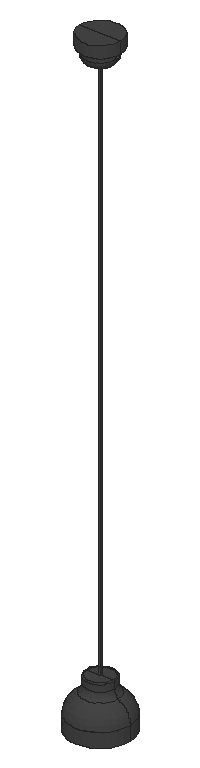
Revit family "BELL(8,10,14) LED", category Lighting Fixtures, Revit 2020
Family settings
  Round Connector Dimension = Use Diameter
  Part Type = Normal
  OmniClass Number = 23.80.70.00
  OmniClass Title = Lighting
  Work Plane-Based = No
  Always vertical = Yes
  Cut with Voids When Loaded = No
  Light Source = Yes
  Shared = No
  Room Calculation Point = No
Parameters (values of type "BEL08")
  Weight = "2.5 lbs"
  Wattage Comments = "10W"
  Wattage = 1 W
  Warranty = "5 year limited warranty"  # constant formula
  built-in parameter 1150110 = 1 (stored number, unit not read)
  Voltage = 277 V
  URL = "https://www.anplighting.com/assets/Uploads/product-attachments/specification-sheets/ANP-Specification-Sheet-RLM-LED-BEL08.pdf"
  built-in parameter 1114217 = 1 (stored number, unit not read)
  Tilt Angle = 90.00°
  built-in parameter 1150109 = 1 (stored number, unit not read)
  built-in parameter 1150134 = 12
  built-in parameter 1150113 = 1 (stored number, unit not read)
  Mounting Option [instance] = 1
  Power Factor = 1
  Post Mount [instance] = Mounting Option = 5  # no
  Placement X axis side [instance] = if(Post Mount, 2' 2 15/32", if(Cord or Stem Mount, 0' 0", if(E36 20 inch, 1' 8 1/4", if(E 6 26 inch, 2' 2", if(E7 41 inch, 3' 5 1/4", 0' 1")))))  # 0' - 0"
  Photometric Web File = "generic.ies"
  Model = "BEL08"
  Manufacturer = "ANP Lighting"  # constant formula
  built-in parameter 1150105 = 99.472 (stored number, unit not read)
  Lumens = 1250 lm
  built-in parameter 1150115 = 1 (stored number, unit not read)
  Load Classification = Lighting
  Light Source Height [instance] = 0' - 4"
  built-in parameter 1150137 = (empty or 0)
  built-in parameter 1150139 = (empty or 0)
  Light Elevation _2 [instance] = if(Post Mount, 0' 0.66142", if(E7 41 inch, 0' 0.66142", if(E36 20 inch, 0' 1.65748", if(E 6 26 inch, 0' 1.53543", if(Cord or Stem Mount, (0' 4.3622" + Cord Length), 0' 0")))))  # 6' - 4.3622"
  Light Elevation _1 [instance] = if(Post Mount, 0' 0", if(E7 41 inch, 0' 0", if(E36 20 inch, 0' 1", if(E 6 26 inch, 0' 0.87402", if(Cord or Stem Mount, (0' 3.66142" + Cord Length), 0' 0")))))  # 6' - 3.66142"
  Light Elevation [instance] = if(Post Mount, 14' 0.5315", if(E7 41 inch, 0' 0", 0' 0"))  # 0' - 0"
  Life = "L70 50,000 hours"  # constant formula
  built-in parameter 1150112 = 1 (stored number, unit not read)
  built-in parameter 1150114 = 1 (stored number, unit not read)
  Lamp = "LED"
  built-in parameter 1150132 = 2
  built-in parameter 1150102 = (empty or 0)
  built-in parameter 1150107 = 4000 (stored number, unit not read)
  built-in parameter 1150138 = (empty or 0)
  built-in parameter 1150106 = 0.99472 (stored number, unit not read)
  Fixture Height = 0' - 6 1/2"
  Fixture Diameter = 0' - 8"
  Efficiency = "65-125 lumens per watt"  # constant formula
  built-in parameter 1150104 = 116.13 (stored number, unit not read)
  E7 41 inch [instance] = Mounting Option = 4  # no
  E36 20 inch [instance] = Mounting Option = 3  # no
  E 6 26 inch [instance] = Mounting Option = 2  # no
  Dimming Lamp Color Temperature Shift = <None>
  Dimming = "1%"  # constant formula
  Description = "120-277 Voltage"  # constant formula
  Default Elevation = 0' - 0"
  Cord or Stem Mount [instance] = Mounting Option = 1  # yes
  Cord Length option [instance] = 0
  Cord Length [instance] = if([2' Cord], 2' 0", if([4' Cord], 4' 0", if([8' Cord], 8' 0", if([10' Cord], 10' 0", if([6' Cord], 6' 0", 6' 0")))))  # 6' - 0"
  Construction Material = "Heavy Duty spun aluminum."  # constant formula
  Color Filter = 16777215
  CRI = ">90"  # constant formula
  Body Material = body
  Body Colour = "Spun aluminium"  # constant formula
  built-in parameter 1114218 = 1 (stored number, unit not read)
  BELL8 = yes
  BELL14 = no
  BELL12 = no
  BELL10 = no
  built-in parameter 1150133 = 10 (stored number, unit not read)
  Apparent Load = 10 VA
  8' Cord [instance] = Cord Length option = 8  # no
  6' Cord [instance] = Cord Length option = 6  # no
  4' Cord [instance] = Cord Length option = 4  # no
  2' Cord [instance] = Cord Length option = 2  # no
  10' Cord [instance] = Cord Length option = 10  # no
Types (5): name | Weight | Wattage Comments | Wattage | URL | Photometric Web File | Model | built-in parameter 1150105 | Lumens | built-in parameter 1150106 | Fixture Height | Fixture Diameter | BELL8 | BELL14 | BELL12 | BELL10 | Apparent Load
  (no name) | "2.5 lbs" | "10W" | 1 W | "https://www.anplighting.com/assets/Uploads/product-attachments/specification-sheets/ANP-Specification-Sheet-RLM-LED-BEL08.pdf" | "generic.ies" | "BEL08" | 99.472 (stored number, unit not read) | 1250 lm | 0.99472 (stored number, unit not read) | 0' - 6 1/2" | 0' - 8" | yes | no | no | no | 10 VA
  BEL08 | "2.5 lbs" | "10W" | 1 W | "https://www.anplighting.com/assets/Uploads/product-attachments/specification-sheets/ANP-Specification-Sheet-RLM-LED-BEL08.pdf" | "generic.ies" | "BEL08" | 99.472 (stored number, unit not read) | 1250 lm | 0.99472 (stored number, unit not read) | 0' - 6 1/2" | 0' - 8" | yes | no | no | no | 10 VA
  BEL10 | "3 lbs" | "10W" | 1 W | "https://www.anplighting.com/assets/Uploads/product-attachments/specification-sheets/ANP-Specification-Sheet-RLM-LED-BEL10.pdf" | "Generic.ies" | "BEL10" | 99.472 (stored number, unit not read) | 1250 lm | 0.99472 (stored number, unit not read) | 0' - 7 3/8" | 0' - 10" | no | no | no | yes | 10 VA
  BEL12 | "3.0 lbs" | "16W" | 1.6 W | "https://www.anplighting.com/assets/Uploads/product-attachments/specification-sheets/ANP-Specification-Sheet-RLM-LED-BEL12.pdf" | "Generic.ies" | "BEL12" | 159.11 (stored number, unit not read) | 2000 lm | 1.5911 (stored number, unit not read) | 0' - 8 3/4" | 1' - 0" | no | no | yes | no | 16 VA
  BEL14 | "4.0 lbs" | "16W" | 1.6 W | "https://www.anplighting.com/assets/Uploads/product-attachments/specification-sheets/ANP-Specification-Sheet-RLM-LED-BEL14.pdf" | "generic.ies" | "BEL14" | 159.11 (stored number, unit not read) | 2000 lm | 1.5911 (stored number, unit not read) | 0' - 10 1/2" | 1' - 2" | no | yes | no | no | 16 VA
Reference planes (in)
  plane 1 "Light Source Axis (F/B)": y = 0
  plane 2: z = 0
  plane 3 "Light Source Axis (L/R)": x = 0
  plane 4 "Light Source Elevation": z = 0
  plane 5: z = 0
  plane 6: x = 0
  plane 7 "Bulb Position": z = -76.3622
  plane 8 "Canopy Position": z = -75.66142
  plane 9 "IES": z = -80.3622
Dimensions and locks (in)
  "Light Elevation": plane 5 to plane 2
  "Placement X axis side": plane 6 to plane 3 "Light Source Axis (L/R)"
  "Light Elevation _2": plane 5 to plane 7 "Bulb Position"
  "Light Elevation _1": plane 5 to plane 8 "Canopy Position"
  "Light Source Height": plane 7 "Bulb Position" to plane 9 "IES"
  locked: plane 4 "Light Source Elevation" to plane 2
  aligned and locked: level to plane 2
  aligned and locked: plane 1 "Light Source Axis (F/B)" to nested 5
  aligned and locked: nested 5 to plane 2
  aligned and locked: nested 1 to plane 3 "Light Source Axis (L/R)"
  aligned and locked: plane 3 "Light Source Axis (L/R)" to nested 2
  aligned and locked: plane 3 "Light Source Axis (L/R)" to nested 4
  aligned and locked: nested 3 to plane 5
  aligned and locked: plane 3 "Light Source Axis (L/R)" to nested 3
  aligned and locked: plane 3 "Light Source Axis (L/R)" to nested 5
  aligned and locked: plane 1 "Light Source Axis (F/B)" to nested 2
  aligned and locked: plane 1 "Light Source Axis (F/B)" to nested 1
  aligned and locked: plane 1 "Light Source Axis (F/B)" to nested 4
  aligned and locked: plane 1 "Light Source Axis (F/B)" to nested 3
  aligned and locked: plane 2 to nested 1
  aligned and locked: plane 2 to nested 2
  aligned and locked: nested 4 to plane 2
  aligned and locked: imposter light to plane 9 "IES"
  aligned and locked: imposter light to plane 6
  aligned and locked: nested 6 to plane 8 "Canopy Position"
  aligned and locked: nested 7 to plane 8 "Canopy Position"
  aligned and locked: nested 8 to plane 8 "Canopy Position"
  aligned and locked: nested 9 to plane 8 "Canopy Position"
  aligned and locked: nested 6 to plane 6
  aligned and locked: nested 7 to plane 6
  aligned and locked: nested 8 to plane 6
  aligned and locked: nested 9 to plane 6
Nested families (in)
  nested 1: "CORD OR STEM MOUNT" at (0, 0, -75.67), visible <- "Cord or Stem Mount", Cord or Stem Mount <- "Cord or Stem Mount", Body Material <- "Body Material", Light Elevation <- "Light Elevation", Cord Length <- "Cord Length", 10' Cord <- "10' Cord", 2' Cord <- "2' Cord", 4' Cord <- "4' Cord", 6' Cord <- "6' Cord", 8' Cord <- "8' Cord", type "CORD OR STEM MOUNT"
    with Light Elevation 0' - 0", Cord or Stem Mount yes, Cord Length 6' - 0", Body Material body, 8' Cord no, 6' Cord no, 4' Cord no, 2' Cord no, 10' Cord no
  nested 2: "E6 26 INCH" at (0, 0, 0), visible <- "E 6 26 inch", Chain Length <- "Cord Length", E 6 26 inch <- "E 6 26 inch", Placement X axis side <- "Placement X axis side", Body Material <- "Body Material", Light Elevation <- "Light Elevation", type "E6 26 INCH"
    with Placement X axis side 0' - 0", Light Elevation 0' - 0", E 6 26 inch no, Chain Length 6' - 0", Body Material body
  nested 3: "E7 41 INCH" at (0, 0, 0), Chain Length <- "Cord Length", visible <- "E7 41 inch", E7 41 inch <- "E7 41 inch", Placement X axis side <- "Placement X axis side", Body Material <- "Body Material", Light Elevation <- "Light Elevation", type "E7 41 INCH"
    with Placement X axis side 0' - 0", Light Elevation 0' - 0", E7 41 inch no, Chain Length 6' - 0", Body Material body
  nested 4: "E36 20 INCH" at (0, 0, 0), visible <- "E36 20 inch", E36 20 inch <- "E36 20 inch", Placement X axis side <- "Placement X axis side", Chain Length <- "Cord Length", Body Material <- "Body Material", Light Elevation <- "Light Elevation", type "E36 20 INCH"
    with Placement X axis side 0' - 0", Light Elevation 0' - 0", E36 20 inch no, Chain Length 6' - 0", Body Material body
  nested 5: "POST MOUNT" at (0, 0, 0), visible <- "Post Mount", Post Mount <- "Post Mount", Placement X axis side <- "Placement X axis side", Chain Length <- "Cord Length", Body Material <- "Body Material", Light Elevation <- "Light Elevation", type "POST MOUNT"
    with Post Mount no, Placement X axis side 0' - 0", Light Elevation 0' - 0", Chain Length 6' - 0", Body Material body
  nested 6: "BELL8" at (0, 0, -75.66142), Light Elevation <- "Light Elevation", Body <- "Body Material", visible <- "BELL8", BELL8 <- "BELL8", type "BELL8"
    with Light Elevation 0' - 0", Body body, BELL8 yes
  nested 7: "BEL10" at (0, 0, -75.80293), Light Elevation <- "Light Elevation", Body <- "Body Material", visible <- "BELL10", BELL10 <- "BELL10", type "BEL10"
    with Light Elevation 0' - 0", Body body, BELL10 no
  nested 8: "BELL12" at (0, 0, -75.66142), Light Elevation <- "Light Elevation", Body <- "Body Material", visible <- "BELL12", BELL12 <- "BELL12", type "BELL12"
    with Light Elevation 0' - 0", Body body, BELL12 no
  nested 9: "BELL14" at (0, 0, -75.66142), Light Elevation <- "Light Elevation", Body <- "Body Material", visible <- "BELL14", BELL14 <- "BELL14", type "BELL14"
    with Light Elevation 0' - 0", Body body, BELL14 no
Definition of nested family "CORD OR STEM MOUNT"
  Parameters (values of type "CORD OR STEM MOUNT")
    URL = ""
    Model = ""
    Manufacturer = ""
    Light Elevation [instance] = 1' - 7.69"
    Default Elevation = 0' - 0"
    Cord or Stem Mount [instance] = yes
    Cord Length [instance] = 6' - 0"
    Body Material [instance] = none
    8' Cord [instance] = no
    6' Cord [instance] = no
    4' Cord [instance] = no
    2' Cord [instance] = no
    10' Cord [instance] = no
  Reference planes (in)
    plane 1 "Light Source Axis (F/B)": y = 0
    plane 2: z = 0
    plane 3 "Light Source Axis (L/R)": x = 0
    plane 4 "Light Source Elevation": z = 23.125
    plane 5: z = 91.69
    plane 6: z = 19.69
  Forms (in)
    Extrusion 1, void, not visible
      sketch origin (0, 0, 2.38154) x (1, 0, 0) y (0, 0, 1)
        loop
          circle (0, 4.59925) r 0.16583
      from 1.18594 to 1.75
    Extrusion 2, void, not visible
      sketch origin (0, 0, 2.38154) x (0.707107, -0.707107, 0) y (0, 0, 1)
        loop
          circle (0, 4.59925) r 0.16583
      from 1.18594 to 1.75
    Extrusion 3, void, not visible
      sketch origin (0, 0, 2.38154) x (0.707107, 0.707107, 0) y (0, 0, 1)
        loop
          circle (0, 4.59925) r 0.16583
      from 1.18594 to 1.75
    Extrusion 4, void, not visible
      sketch origin (0, 0, 2.38154) x (0, 1, 0) y (0, 0, 1)
        loop
          circle (0, 4.59925) r 0.16583
      from 1.18594 to 1.75
    Extrusion 5, void, not visible
      sketch origin (0, 0, 2.38154) x (-0.707107, 0.707107, 0) y (0, 0, 1)
        loop
          circle (0, 4.59925) r 0.16583
      from 1.18594 to 1.75
    Extrusion 6, void, not visible
      sketch origin (0, 0, 2.38154) x (-1, 0, 0) y (0, 0, 1)
        loop
          circle (0, 4.59925) r 0.20678
      from 1.18594 to 1.75
    Extrusion 7, void, not visible
      sketch origin (0, 0, 2.38154) x (-0.707107, -0.707107, 0) y (0, 0, 1)
        loop
          circle (0, 4.59925) r 0.16583
      from 1.18594 to 1.75
    Extrusion 8, void, not visible
      sketch origin (0, 0, 2.38154) x (0, -1, 0) y (0, 0, 1)
        loop
          circle (0, 4.59925) r 0.16583
      from 1.18594 to 1.75
    Revolve 9, solid, material <- "Body Material", visible <- "Cord or Stem Mount"
      sketch origin (0, 0, 174.56698) x (1, 0, 0) y (0, 0, 1)
        loop
          line (2.6875, -79.20698) -> (0, -79.20698) -> (0, -82.87698) -> (0.125, -82.87698) -> (0.125, -82.83698) -> (0.75, -82.83698)
          arc (0.75, -82.83698) -> (0.81694, -82.77004) -> (0.75, -82.7031) r 0.06694
          line (0.75, -82.7031) -> (0.89763, -82.7031) -> (1.00223, -82.5985) -> (1.06587, -82.5985)
          arc (1.06587, -82.5985) -> (1.80099, -82.29401) -> (2.10549, -81.55888) r 1.03962
          line (2.10549, -81.55888) -> (2.10549, -81.03899)
          arc (2.10549, -81.03899) -> (2.12951, -80.981) -> (2.1875, -80.95698) r 0.08201
          line (2.1875, -80.95698) -> (2.1875, -80.70698) -> (2.6875, -80.70698) -> (2.6875, -79.20698)
        axis (0, -79.20698) -> (0, -82.87698)
      angle from 0 to 360
    Revolve 10, solid, material <- "Body Material", visible <- "Cord or Stem Mount"
      sketch origin (0, 0, 0) x (1, 0, 0) y (0, 0, 1)
        loop
          line (0, 91.69) -> (-0.125, 91.69) -> (-0.125, 19.69) -> (0, 19.69) -> (0, 91.69)
        axis (0, 19.69) -> (0, 91.69)
      angle from 0 to 360
  Dimensions and locks (in)
    "Light Elevation": plane 6 to plane 2
    "Cord Length": plane 5 to plane 6
    locked: Revolve 10 sketch curve to Revolve 10 sketch curve at 0.125
    aligned and locked: level to plane 2
    aligned and locked: Revolve 10 sketch curve to plane 3 "Light Source Axis (L/R)"
    aligned and locked: Revolve 10 sketch curve to plane 6
    aligned and locked: Revolve 10 sketch curve to plane 5
    aligned and locked: plane 3 "Light Source Axis (L/R)" to Revolve 10 sketch curve
  Automatic sketch dimensions
    Revolve 9 sketch curve to plane 3 "Light Source Axis (L/R)" = 0' - 0"  (x2)
    Revolve 9 sketch curve to plane 5 = 0' - 0"
    plane 3 "Light Source Axis (L/R)" to Revolve 9 sketch curve = 0' - 0 1/8"
    Revolve 9 sketch curve to plane 5 = 0' - 0.17388"
    Revolve 9 sketch curve to Revolve 9 sketch curve = 0' - 0 5/8"
    Revolve 9 sketch curve to Revolve 9 sketch curve = 0' - 0.14763"
    Revolve 9 sketch curve to plane 5 = 0' - 0.27847"
    Revolve 9 sketch curve to Revolve 9 sketch curve = 0' - 0.1046"
    Revolve 9 sketch curve to Revolve 9 sketch curve = 0' - 0.06364"
    Revolve 9 sketch curve to Revolve 9 sketch curve = 0' - 1.03962"
    Revolve 9 sketch curve to Revolve 9 sketch curve = 0' - 0 21/256"
    Revolve 9 sketch curve to Revolve 9 sketch curve = 0' - 0 1/2"  (x2)
    Revolve 9 sketch curve to Revolve 9 sketch curve = 0' - 0.51989"
    Revolve 9 sketch curve to Revolve 9 sketch curve = 0' - 0 1/4"
    Revolve 9 sketch curve to Revolve 9 sketch curve = 0' - 2.3519"
    Revolve 9 sketch curve to Revolve 9 sketch curve = 0' - 1 1/4"
    Revolve 9 sketch curve to Revolve 9 sketch curve = 0' - 0.04"
    Revolve 10 sketch curve to Revolve 10 sketch curve = 0' - 0 1/2"
    Revolve 10 sketch curve to Revolve 10 sketch curve = 0' - 0.42345"
Definition of nested family "BELL8"
  Parameters (values of type "BELL8")
    Light Elevation [instance] = 0' - 0"
    Default Elevation = 0' - 0"
    Body [instance] = none
    BELL8 [instance] = yes
  Reference planes (in)
    plane 1 "Center (Front/Back)": y = 0
    plane 2: z = 0
    plane 3 "Center (Left/Right)": x = 0
    plane 4: z = 0
  Dimensions and locks (in)
    "Light Elevation": plane 4 to level
    aligned and locked: plane 2 to level
    aligned and locked: plane 3 "Center (Left/Right)" to nested 1
    aligned and locked: plane 1 "Center (Front/Back)" to nested 1
  Nested families (in)
    nested 1: "BELL14 BASE" at (0, 0, -6.5), Body <- "Body", BELL8 <- "BELL8", visible <- "BELL8", type "BELL14 BASE"
      with Body none, BELL8 yes, BELL10 no
  Definition of nested family "BELL14 BASE"
    Parameters (values of type "BELL14 BASE")
      Default Elevation = 0' - 0"
      Body [instance] = none
      BELL8 [instance] = yes
      BELL10 [instance] = yes
    Reference planes (in)
      plane 1 "Center (Front/Back)": y = 0
      plane 2: z = 0
      plane 3 "Center (Left/Right)": x = 0
    Forms (in)
      Revolve 1, solid, material <- "Body", visible <- "BELL8"
        sketch origin (0, 0, 0) x (1, 0, 0) y (0, 0, 1)
          loop
            line (0.10668, 6.45274) -> (0.10668, 6.41274) -> (1.75818, 6.41274)
            arc (1.75818, 6.41274) -> (1.81495, 6.38922) -> (1.83846, 6.33245) r 0.08028
            line (1.83846, 6.33245) -> (1.83846, 5.45947)
            arc (1.83846, 5.45947) -> (1.96347, 4.87382) -> (2.31672, 4.39027) r 1.43426
            arc (2.31672, 4.39027) -> (3.45476, 3.34525) -> (3.93315, 1.87611) r 3.04405
            line (3.93315, 1.87611) -> (3.93315, 0.03937) -> (0, 0.03937) -> (0, 0) -> (3.97315, 0) -> (3.97315, 1.87728)
            arc (3.97315, 1.87728) -> (3.49006, 3.36431) -> (2.33978, 4.42333) r 3.08405
            arc (2.33978, 4.42333) -> (1.999, 4.89237) -> (1.87846, 5.45947) r 1.39426
            line (1.87846, 5.45947) -> (1.87846, 6.33245)
            arc (1.87846, 6.33245) -> (1.84323, 6.41751) -> (1.75818, 6.45274) r 0.12028
            line (1.75818, 6.45274) -> (0.10668, 6.45274)
          axis (0, 6.45274) -> (0, 0)
        angle from 0 to 360
    Dimensions and locks (in)
      aligned and locked: plane 2 to level
Definition of nested family "E6 26 INCH"
  Parameters (values of type "E6 26 INCH")
    URL = ""
    Placement X axis side [instance] = 2' - 2"
    Model = ""
    Manufacturer = ""
    Light Elevation [instance] = 8' - 4"
    E 6 26 inch [instance] = yes
    Default Elevation = 0' - 0"
    Chain Length [instance] = 0' - 0"
    Body Material [instance] = none
  Reference planes (in)
    plane 1 "Light Source Axis (F/B)": y = 0
    plane 2: z = 0
    plane 3 "Light Source Axis (L/R)": x = 0
    plane 4 "Light Source Elevation": z = 23.125
    plane 5: z = 100
    plane 6: x = -26
    plane 7: z = 99.125
    plane 8: x = -24.12
    plane 9: x = -25.5474
  Forms (in)
    Extrusion 1, void, not visible
      sketch origin (0, 0, 2.38154) x (1, 0, 0) y (0, 0, 1)
        loop
          circle (0, 4.59925) r 0.16583
      from 1.18594 to 1.75
    Extrusion 2, void, not visible
      sketch origin (0, 0, 2.38154) x (0.707107, -0.707107, 0) y (0, 0, 1)
        loop
          circle (0, 4.59925) r 0.16583
      from 1.18594 to 1.75
    Extrusion 3, void, not visible
      sketch origin (0, 0, 2.38154) x (0.707107, 0.707107, 0) y (0, 0, 1)
        loop
          circle (0, 4.59925) r 0.16583
      from 1.18594 to 1.75
    Extrusion 4, void, not visible
      sketch origin (0, 0, 2.38154) x (0, 1, 0) y (0, 0, 1)
        loop
          circle (0, 4.59925) r 0.16583
      from 1.18594 to 1.75
    Extrusion 5, void, not visible
      sketch origin (0, 0, 2.38154) x (-0.707107, 0.707107, 0) y (0, 0, 1)
        loop
          circle (0, 4.59925) r 0.16583
      from 1.18594 to 1.75
    Extrusion 6, void, not visible
      sketch origin (0, 0, 2.38154) x (-1, 0, 0) y (0, 0, 1)
        loop
          circle (0, 4.59925) r 0.20678
      from 1.18594 to 1.75
    Extrusion 7, void, not visible
      sketch origin (0, 0, 2.38154) x (-0.707107, -0.707107, 0) y (0, 0, 1)
        loop
          circle (0, 4.59925) r 0.16583
      from 1.18594 to 1.75
    Extrusion 8, void, not visible
      sketch origin (0, 0, 2.38154) x (0, -1, 0) y (0, 0, 1)
        loop
          circle (0, 4.59925) r 0.16583
      from 1.18594 to 1.75
    Sweep 9, solid, material <- "Body Material", visible <- "E 6 26 inch"
      path origin (-41.25, 0, 168.51693) x (1, 0, 0) y (0, 0, 1)
        loop
          line (17.13, -68.51693) -> (27.68551, -68.51693)
          arc (27.68551, -68.51693) -> (28.47996, -68.34486) -> (29.13202, -67.8595) r 1.92004
          line (29.13202, -67.8595) -> (34.23651, -62.01155)
          arc (34.23651, -62.01155) -> (38.65464, -60.89667) -> (41.25, -64.64193) r 4
          line (41.25, -64.64193) -> (41.25, -69.39193)
      profile origin (-18.84224, 0, 100) x (0, 0, 1) y (0, -1, 0)
        loop
          circle (0, 0) r 0.5
    Revolve 10, solid, material <- "Body Material", visible <- "E 6 26 inch"
      sketch origin (-26, 0, 168.51693) x (1, 0, 0) y (0, 0, 1)
        loop
          line (0, -66.07943) -> (0, -68.51693) -> (1.88, -68.51693) -> (1.88, -67.69272) -> (0.4526, -67.69272) -> (0.4526, -66.54122) -> (0.33125, -66.54122) -> (0.33125, -66.07943) -> (0, -66.07943)
        axis (0, -68.51693) -> (1.88, -68.51693)
      angle from 0 to 360
    Extrusion 11, solid, material <- "Body Material", visible <- "E 6 26 inch"
      sketch origin (-26, 0, 168.51693) x (0, -1, 0) y (0, 0, -1)
        loop
          line (0.25, 68.51693) -> (0.25, 69.51693) -> (-0.25, 69.51693) -> (-0.25, 68.51693) -> (0.25, 68.51693)
      from 0.4526 to 1.88
  Cuts and joins
    joined: Revolve 10, Extrusion 11
  Dimensions and locks (in)
    "Light Elevation": plane 5 to plane 2
    "Placement X axis side": plane 3 "Light Source Axis (L/R)" to plane 6
    locked: plane 5 to plane 7 at 0.875
    Revolve 10 sketch curve to Revolve 10 sketch curve to Revolve 10 sketch curve to plane 6 = 0' - 1.4274" locked, 0' - 0.12135" locked, 0' - 0.33125" locked
    Revolve 10 sketch curve to Revolve 10 sketch curve to Revolve 10 sketch curve to plane 5 = 0' - 0.46179" locked, 0' - 1.1515" locked, 0' - 0 211/256" locked
    locked: Sweep 9 sketch curve to plane 6 at 1.88
    locked: Sweep 9 sketch curve to Sweep 9 sketch curve at 10.55551
    locked: Sweep 9 sketch curve to Sweep 9 sketch curve at 13.56449
    locked: Sweep 9 sketch curve to Sweep 9 sketch curve at 4.75
    locked: plane 9 to plane 6 at 0.4526
    locked: plane 8 to plane 9 at 1.4274
    aligned and locked: level to plane 2
    aligned and locked: Revolve 10 sketch curve to plane 6
    aligned and locked: plane 5 to Revolve 10 sketch curve
    aligned and locked: Revolve 10 sketch curve to plane 5
    aligned and locked: cut or joined group of Revolve 10, Extrusion 11 to plane 9
    aligned and locked: plane 8 to cut or joined group of Revolve 10, Extrusion 11
  Automatic sketch dimensions
    Sweep 9 sketch curve to plane 5 = 0' - 0"
    Sweep 9 sketch curve to Sweep 9 sketch curve = 0' - 4"
    Sweep 9 sketch curve to Sweep 9 sketch curve = 0' - 3.01349"
    plane 5 to Sweep 9 sketch curve = 0' - 0.65743"
    Sweep 9 sketch curve to Sweep 9 sketch curve = 0' - 1.4465"
    Sweep 9 sketch curve to plane 5 = 0' - 0 7/8"
    profile plane to Sweep 9 sketch curve = 0' - 0"
    Sweep 9 sketch curve to profile plane = 0' - 0"
    plane 6 to Revolve 10 sketch curve = 0' - 0.62562"
    Revolve 10 sketch curve to Revolve 10 sketch curve = 0' - 0 1/2"
    Extrusion 11 sketch curve to plane 5 = 0' - 0"
    plane 1 "Light Source Axis (F/B)" to Extrusion 11 sketch curve = 0' - 0 1/4"
    Extrusion 11 sketch curve to plane 1 "Light Source Axis (F/B)" = 0' - 0 1/4"
    plane 5 to Extrusion 11 sketch curve = 0' - 1"
    radius of Sweep 9 sketch curve = 0' - 0 1/2"
Definition of nested family "E7 41 INCH"
  Parameters (values of type "E7 41 INCH")
    URL = ""
    Placement X axis side [instance] = 4' - 2"
    Model = ""
    Manufacturer = ""
    Light Elevation [instance] = 8' - 4"
    E7 41 inch [instance] = yes
    Default Elevation = 0' - 0"
    Chain Length [instance] = 0' - 0"
    Body Material [instance] = none
  Reference planes (in)
    plane 1 "Light Source Axis (F/B)": y = 0
    plane 2: z = 0
    plane 3 "Light Source Axis (L/R)": x = 0
    plane 4 "Light Source Elevation": z = 23.125
    plane 5: z = 100
    plane 6: x = -50
  Forms (in)
    Extrusion 1, void, not visible
      sketch origin (0, 0, 2.38154) x (1, 0, 0) y (0, 0, 1)
        loop
          circle (0, 4.59925) r 0.16583
      from 1.18594 to 1.75
    Extrusion 2, void, not visible
      sketch origin (0, 0, 2.38154) x (0.707107, -0.707107, 0) y (0, 0, 1)
        loop
          circle (0, 4.59925) r 0.16583
      from 1.18594 to 1.75
    Extrusion 3, void, not visible
      sketch origin (0, 0, 2.38154) x (0.707107, 0.707107, 0) y (0, 0, 1)
        loop
          circle (0, 4.59925) r 0.16583
      from 1.18594 to 1.75
    Extrusion 4, void, not visible
      sketch origin (0, 0, 2.38154) x (0, 1, 0) y (0, 0, 1)
        loop
          circle (0, 4.59925) r 0.16583
      from 1.18594 to 1.75
    Extrusion 5, void, not visible
      sketch origin (0, 0, 2.38154) x (-0.707107, 0.707107, 0) y (0, 0, 1)
        loop
          circle (0, 4.59925) r 0.16583
      from 1.18594 to 1.75
    Extrusion 6, void, not visible
      sketch origin (0, 0, 2.38154) x (-1, 0, 0) y (0, 0, 1)
        loop
          circle (0, 4.59925) r 0.20678
      from 1.18594 to 1.75
    Extrusion 7, void, not visible
      sketch origin (0, 0, 2.38154) x (-0.707107, -0.707107, 0) y (0, 0, 1)
        loop
          circle (0, 4.59925) r 0.16583
      from 1.18594 to 1.75
    Extrusion 8, void, not visible
      sketch origin (0, 0, 2.38154) x (0, -1, 0) y (0, 0, 1)
        loop
          circle (0, 4.59925) r 0.16583
      from 1.18594 to 1.75
    Revolve 9, solid, material <- "Body Material", visible <- "E7 41 inch"
      sketch origin (-41.25, 0, 168.39193) x (1, 0, 0) y (0, 0, 1)
        loop
          line (-8.75, -66.20443) -> (-8.75, -68.51693) -> (-6.87, -68.51693) -> (-6.87, -67.69272) -> (-8.2974, -67.69272) -> (-8.2974, -66.54122) -> (-8.41875, -66.54122) -> (-8.41875, -66.20443) -> (-8.75, -66.20443)
        axis (-8.75, -68.51693) -> (-6.87, -68.51693)
      angle from 0 to 360
    Extrusion 10, solid, material <- "Body Material", visible <- "E7 41 inch"
      sketch origin (-41.25, 0, 168.39193) x (0, -1, 0) y (0, 0, -1)
        loop
          line (0.25, 68.51693) -> (0.25, 69.51693) -> (-0.25, 69.51693) -> (-0.25, 68.51693) -> (0.25, 68.51693)
      from -8.2974 to -6.87
    Sweep 11, solid, material <- "Body Material", visible <- "E7 41 inch"
      path origin (-41.25, 0, 168.39193) x (1, 0, 0) y (0, 0, 1)
        loop
          line (-6.87, -68.51693) -> (16.04011, -68.51693)
          arc (16.04011, -68.51693) -> (17.864, -68.13651) -> (19.38375, -67.0587) r 4.5625
          line (19.38375, -67.0587) -> (24.70217, -61.33018)
          arc (24.70217, -61.33018) -> (29.64465, -60.20324) -> (32.5, -64.39193) r 4.5
          line (32.5, -64.39193) -> (32.5, -68.39193)
      profile origin (-36.66494, 0, 99.875) x (0, 0, 1) y (0, -1, 0)
        loop
          circle (0, 0) r 0.5
  Dimensions and locks (in)
    "Placement X axis side": plane 3 "Light Source Axis (L/R)" to plane 6
    "Light Elevation": plane 5 to plane 2
    locked: Revolve 9 sketch curve to Revolve 9 sketch curve at 0.33125
    locked: Revolve 9 sketch curve to Revolve 9 sketch curve at 0.4526
    locked: Revolve 9 sketch curve to Revolve 9 sketch curve at 1.88
    locked: Revolve 9 sketch curve to Revolve 9 sketch curve at 0.82421
    locked: Revolve 9 sketch curve to Revolve 9 sketch curve at 1.1515
    locked: Revolve 9 sketch curve to Revolve 9 sketch curve at 0.33679
    locked: plane 5 to Revolve 9 sketch curve at 0.125
    locked: Extrusion 10 sketch curve to Extrusion 10 sketch curve at 0.5
    locked: Extrusion 10 sketch curve to Extrusion 10 sketch curve at 1
    locked: plane 5 to Extrusion 10 sketch curve at 0.125
    locked: plane 5 to Sweep 11 sketch curve at 0.125
    locked: Sweep 11 sketch curve to Sweep 11 sketch curve at 39.37
    locked: Sweep 11 sketch curve to Sweep 11 sketch curve at 4
    locked: plane 6 to Extrusion 10 at 0.4526
    locked: Sweep 11 sketch curve to plane 6 at 1.88
    locked: Extrusion 10 to Extrusion 10 at 1.4274
    aligned and locked: plane 2 to level
    aligned and locked: Revolve 9 sketch curve to plane 6
  Automatic sketch dimensions
    Revolve 9 sketch curve to plane 5 = 0' - 0 1/8"
    plane 6 to Revolve 9 sketch curve = 0' - 0.62562"
    Revolve 9 sketch curve to Revolve 9 sketch curve = 0' - 0 1/2"
    plane 1 "Light Source Axis (F/B)" to Extrusion 10 sketch curve = 0' - 0 1/4"
    Sweep 11 sketch curve to plane 5 = 0' - 0"
    Sweep 11 sketch curve to Sweep 11 sketch curve = 0' - 4 1/2"
    Sweep 11 sketch curve to Sweep 11 sketch curve = 0' - 3.29783"
    plane 5 to Sweep 11 sketch curve = 0' - 1.33323"
    Sweep 11 sketch curve to Sweep 11 sketch curve = 0' - 5.31842"
    Sweep 11 sketch curve to Sweep 11 sketch curve = 0' - 3.34364"
    profile plane to Sweep 11 sketch curve = 0' - 0"
    Sweep 11 sketch curve to profile plane = 0' - 0"
    radius of Sweep 11 sketch curve = 0' - 0 1/2"
Definition of nested family "E36 20 INCH"
  Parameters (values of type "E36 20 INCH")
    URL = ""
    Placement X axis side [instance] = 1' - 8 1/4"
    Model = ""
    Manufacturer = ""
    Light Elevation [instance] = 8' - 4"
    E36 20 inch [instance] = yes
    Default Elevation = 0' - 0"
    Chain Length [instance] = 0' - 0"
    Body Material [instance] = none
  Reference planes (in)
    plane 1 "Light Source Axis (F/B)": y = 0
    plane 2: z = 0
    plane 3 "Light Source Axis (L/R)": x = 0
    plane 4 "Light Source Elevation": z = 23.125
    plane 5: z = 99
    plane 6: x = -20.25
    plane 7: z = 100
    plane 8: x = -18.37008
    plane 9: x = -19.79724
  Forms (in)
    Extrusion 1, void, not visible
      sketch origin (0, 0, 2.38154) x (1, 0, 0) y (0, 0, 1)
        loop
          circle (0, 4.59925) r 0.16583
      from 1.18594 to 1.75
    Extrusion 2, void, not visible
      sketch origin (0, 0, 2.38154) x (0.707107, -0.707107, 0) y (0, 0, 1)
        loop
          circle (0, 4.59925) r 0.16583
      from 1.18594 to 1.75
    Extrusion 3, void, not visible
      sketch origin (0, 0, 2.38154) x (0.707107, 0.707107, 0) y (0, 0, 1)
        loop
          circle (0, 4.59925) r 0.16583
      from 1.18594 to 1.75
    Extrusion 4, void, not visible
      sketch origin (0, 0, 2.38154) x (0, 1, 0) y (0, 0, 1)
        loop
          circle (0, 4.59925) r 0.16583
      from 1.18594 to 1.75
    Extrusion 5, void, not visible
      sketch origin (0, 0, 2.38154) x (-0.707107, 0.707107, 0) y (0, 0, 1)
        loop
          circle (0, 4.59925) r 0.16583
      from 1.18594 to 1.75
    Extrusion 6, void, not visible
      sketch origin (0, 0, 2.38154) x (-1, 0, 0) y (0, 0, 1)
        loop
          circle (0, 4.59925) r 0.20678
      from 1.18594 to 1.75
    Extrusion 7, void, not visible
      sketch origin (0, 0, 2.38154) x (-0.707107, -0.707107, 0) y (0, 0, 1)
        loop
          circle (0, 4.59925) r 0.16583
      from 1.18594 to 1.75
    Extrusion 8, void, not visible
      sketch origin (0, 0, 2.38154) x (0, -1, 0) y (0, 0, 1)
        loop
          circle (0, 4.59925) r 0.16583
      from 1.18594 to 1.75
    Sweep 9, solid, material <- "Body Material", visible <- "E36 20 inch"
      path origin (-41.25, 0, 169.51693) x (1, 0, 0) y (0, 0, 1)
        loop
          line (22.88, -69.51693) -> (28.93827, -69.51693)
          arc (28.93827, -69.51693) -> (29.97705, -69.28152) -> (30.81284, -68.62128) r 2.40953
          line (30.81284, -68.62128) -> (34.13807, -64.50378)
          arc (34.13807, -64.50378) -> (38.58272, -63.24548) -> (41.25, -67.01693) r 4
          line (41.25, -67.01693) -> (41.25, -70.51693)
      profile origin (-15.34086, 0, 100) x (0, 0, 1) y (0, -1, 0)
        loop
          circle (0, 0) r 0.5
    Revolve 10, solid, material <- "Body Material", visible <- "E36 20 inch"
      sketch origin (-20.25, 0, 169.51693) x (1, 0, 0) y (0, 0, 1)
        loop
          line (0, -67.20443) -> (0, -69.51693) -> (1.88, -69.51693) -> (1.88, -68.69272) -> (0.4526, -68.69272) -> (0.4526, -67.54122) -> (0.33125, -67.54122) -> (0.33125, -67.20443) -> (0, -67.20443)
        axis (0, -69.51693) -> (1.88, -69.51693)
      angle from 0 to 360
    Extrusion 11, solid, material <- "Body Material", visible <- "E36 20 inch"
      sketch origin (-20.25, 0, 169.51693) x (0, -1, 0) y (0, 0, -1)
        loop
          line (0.25, 69.51693) -> (0.25, 70.51693) -> (-0.25, 70.51693) -> (-0.25, 69.51693) -> (0.25, 69.51693)
      from 1.87992 to 0.45276
  Cuts and joins
    joined: Revolve 10, Extrusion 11
  Dimensions and locks (in)
    "Light Elevation": plane 7 to plane 2
    "Placement X axis side": plane 3 "Light Source Axis (L/R)" to plane 6
    locked: plane 7 to plane 5 at 1
    Revolve 10 sketch curve to Revolve 10 sketch curve to Revolve 10 sketch curve to plane 7 = 0' - 0.33679" locked, 0' - 1.1515" locked, 0' - 0 211/256" locked
    locked: Sweep 9 sketch curve to plane 6 at 1.88
    locked: Sweep 9 sketch curve to Sweep 9 sketch curve at 6.05827
    locked: Sweep 9 sketch curve to Sweep 9 sketch curve at 12.31173
    locked: Sweep 9 sketch curve to Sweep 9 sketch curve at 3.5
    Revolve 10 sketch curve to Revolve 10 sketch curve to Revolve 10 sketch curve to plane 6 = 0' - 1.4274" locked, 0' - 0.12135" locked, 0' - 0.33125" locked
    locked: plane 9 to plane 6 at 0.45276
    locked: plane 8 to plane 9 at 1.42717
    aligned and locked: level to plane 2
    aligned and locked: plane 7 to Revolve 10 sketch curve
    aligned and locked: Revolve 10 sketch curve to plane 7
    aligned and locked: Revolve 10 sketch curve to plane 6
    aligned and locked: cut or joined group of Revolve 10, Extrusion 11 to plane 9
    aligned and locked: plane 8 to cut or joined group of Revolve 10, Extrusion 11
  Automatic sketch dimensions
    Sweep 9 sketch curve to plane 7 = 0' - 0"
    Sweep 9 sketch curve to plane 5 = 0' - 0"
    Sweep 9 sketch curve to Sweep 9 sketch curve = 0' - 4"
    Sweep 9 sketch curve to plane 7 = 0' - 0.89565"
    Sweep 9 sketch curve to Sweep 9 sketch curve = 0' - 3.32523"
    Sweep 9 sketch curve to Sweep 9 sketch curve = 0' - 1.87457"
    profile plane to Sweep 9 sketch curve = 0' - 0"
    Sweep 9 sketch curve to profile plane = 0' - 0"
    plane 6 to Revolve 10 sketch curve = 0' - 0.62562"
    Revolve 10 sketch curve to Revolve 10 sketch curve = 0' - 0 1/2"
    plane 7 to Extrusion 11 sketch curve = 0' - 0"
    Extrusion 11 sketch curve to plane 5 = 0' - 0"
    plane 1 "Light Source Axis (F/B)" to Extrusion 11 sketch curve = 0' - 0 1/4"
    Extrusion 11 sketch curve to plane 1 "Light Source Axis (F/B)" = 0' - 0 1/4"
    radius of Sweep 9 sketch curve = 0' - 0 1/2"
Definition of nested family "POST MOUNT"
  Parameters (values of type "POST MOUNT")
    URL = ""
    Post Mount [instance] = yes
    Placement X axis side [instance] = 2' - 2 1/2"
    Model = ""
    Manufacturer = ""
    Light Elevation [instance] = 14' - 0.5168"
    Default Elevation = 0' - 0"
    Chain Length [instance] = 0' - 0"
    Body Material [instance] = none
  Reference planes (in)
    plane 1 "Light Source Axis (F/B)": y = 0
    plane 2: z = 0
    plane 3 "Light Source Axis (L/R)": x = 0
    plane 4 "Light Source Elevation": z = 23.125
    plane 5: x = -26.5
    plane 6: z = 168.5168
  Forms (in)
    Extrusion 1, void, not visible
      sketch origin (0, 0, 2.38154) x (1, 0, 0) y (0, 0, 1)
        loop
          circle (0, 4.59925) r 0.16583
      from 1.18594 to 1.75
    Extrusion 2, void, not visible
      sketch origin (0, 0, 2.38154) x (0.707107, -0.707107, 0) y (0, 0, 1)
        loop
          circle (0, 4.59925) r 0.16583
      from 1.18594 to 1.75
    Extrusion 3, void, not visible
      sketch origin (0, 0, 2.38154) x (0.707107, 0.707107, 0) y (0, 0, 1)
        loop
          circle (0, 4.59925) r 0.16583
      from 1.18594 to 1.75
    Extrusion 4, void, not visible
      sketch origin (0, 0, 2.38154) x (0, 1, 0) y (0, 0, 1)
        loop
          circle (0, 4.59925) r 0.16583
      from 1.18594 to 1.75
    Extrusion 5, void, not visible
      sketch origin (0, 0, 2.38154) x (-0.707107, 0.707107, 0) y (0, 0, 1)
        loop
          circle (0, 4.59925) r 0.16583
      from 1.18594 to 1.75
    Extrusion 6, void, not visible
      sketch origin (0, 0, 2.38154) x (-1, 0, 0) y (0, 0, 1)
        loop
          circle (0, 4.59925) r 0.20678
      from 1.18594 to 1.75
    Extrusion 7, void, not visible
      sketch origin (0, 0, 2.38154) x (-0.707107, -0.707107, 0) y (0, 0, 1)
        loop
          circle (0, 4.59925) r 0.16583
      from 1.18594 to 1.75
    Extrusion 8, void, not visible
      sketch origin (0, 0, 2.38154) x (0, -1, 0) y (0, 0, 1)
        loop
          circle (0, 4.59925) r 0.16583
      from 1.18594 to 1.75
    Revolve 9, solid, material <- "Body Material", visible <- "Post Mount"
      sketch origin (-7.90508, 0, 0) x (1, 0, 0) y (0, 0, 1)
        loop
          line (-18.59492, 3.92912) -> (-16.29831, 3.92912) -> (-16.29831, 4.2668) -> (-16.91413, 4.2668) -> (-16.91413, 134.5168) -> (-17.16413, 134.5168) -> (-17.16413, 137.3918) -> (-17.05979, 137.3918)
          arc (-17.05979, 137.3918) -> (-16.93479, 137.5168) -> (-17.05979, 137.6418) r 0.125
          line (-17.05979, 137.6418) -> (-17.48032, 137.6418) -> (-17.48032, 139.0793) -> (-17.73032, 139.0793) -> (-17.73032, 139.5793) -> (-18.59492, 139.5793) -> (-18.59492, 3.92912)
        axis (-18.59492, 139.5793) -> (-18.59492, 3.92912)
      angle from 0 to 360
    Extrusion 10, solid, material <- "Body Material", visible <- "Post Mount"
      sketch origin (0, 0, 0) x (1, 0, 0) y (0, 1, 0)
        loop
          line (-20.5, 5.93079) -> (-32.5, 5.93079) -> (-32.5, -6.06921) -> (-20.5, -6.06921) -> (-20.5, 5.93079)
      from 0 to 3.92912
    Sweep 11, solid, material <- "Body Material", visible <- "Post Mount"
      path origin (0, 0, 48.5) x (1, 0, 0) y (0, 0, 1)
        loop
          line (0, 120.0168) -> (0, 128.0168)
          arc (0, 128.0168) -> (-13.25, 141.2668) -> (-26.5, 128.0168) r 13.25
          line (-26.5, 128.0168) -> (-26.5, 91.0793)
      profile origin (0, 0, 172.5168) x (-1, 0, 0) y (0, -1, 0)
        loop
          circle (0, 0) r 0.5
    Revolve 12, solid, material <- "Body Material", visible <- "Post Mount"
      sketch origin (0, 0, 0) x (1, 0, 0) y (0, 0, 1)
        loop
          line (0, 168.5168) -> (0.75, 168.5168) -> (0.75, 170.7668) -> (0, 170.7668) -> (0, 168.5168)
        axis (0, 170.7668) -> (0, 168.5168)
      angle from 0 to 360
  Cuts and joins
    joined: Revolve 9, Extrusion 10, Sweep 11, Revolve 12
  Dimensions and locks (in)
    "Placement X axis side": plane 3 "Light Source Axis (L/R)" to plane 5
    "Light Elevation": plane 6 to plane 2
    locked: Revolve 12 sketch curve to plane 5 at 26.5  (x2)
    locked: Revolve 9 sketch curve to plane 2 at 3.92912
    locked: Revolve 9 sketch curve to plane 5 at 2.29661
    locked: Revolve 9 sketch curve to plane 5 at 1.68079
    locked: Revolve 9 sketch curve to plane 5 at 1.43079
    locked: Revolve 9 sketch curve to plane 5 at 1.11461
    locked: Revolve 9 sketch curve to plane 5 at 0.86461
    locked: Revolve 9 sketch curve to Revolve 9 sketch curve at 130.58768
    locked: Revolve 9 sketch curve to Revolve 9 sketch curve at 2.875
    locked: Revolve 9 sketch curve to Revolve 9 sketch curve at 0.25
    locked: Revolve 9 sketch curve to Revolve 9 sketch curve at 1.4375
    locked: Revolve 9 sketch curve to Revolve 9 sketch curve at 0.5
    locked: Sweep 11 sketch curve to Sweep 11 sketch curve at 26.5
    locked: Revolve 12 sketch curve to Revolve 12 sketch curve at 0.75
    locked: cut or joined group of Revolve 9, Extrusion 10, Sweep 11, Revolve 12 to plane 2 at 139.5793
    aligned and locked: level to plane 2
    aligned and locked: plane 5 to Sweep 11 sketch curve
    aligned and locked: Revolve 9 sketch curve to plane 5
  Automatic sketch dimensions
    Revolve 9 sketch curve to plane 5 = 0' - 0"
    Revolve 9 sketch curve to Revolve 9 sketch curve = 0' - 0.10434"
    Revolve 9 sketch curve to Revolve 9 sketch curve = 0' - 0.33768"
    Revolve 9 sketch curve to Revolve 9 sketch curve = 0' - 0 1/4"
    Revolve 9 sketch curve to Revolve 9 sketch curve = 0' - 0 7/16"
    Extrusion 10 sketch curve to plane 5 = 0' - 6"
    plane 5 to Extrusion 10 sketch curve = 0' - 6"
    plane 1 "Light Source Axis (F/B)" to Extrusion 10 sketch curve = 0' - 6.06921"
    Extrusion 10 sketch curve to plane 1 "Light Source Axis (F/B)" = 0' - 5.93079"
    Sweep 11 sketch curve to profile plane = 0' - 0"
    profile plane to Sweep 11 sketch curve = 0' - 0"
    Sweep 11 sketch curve to plane 6 = 0' - 0"
    Sweep 11 sketch curve to plane 6 = 0' - 8"
    plane 6 to Sweep 11 sketch curve = 2' - 4 15/16"
    Revolve 12 sketch curve to plane 6 = 0' - 0"
    Revolve 12 sketch curve to plane 6 = 0' - 2 1/4"
    Revolve 12 sketch curve to Revolve 12 sketch curve = 0' - 0 1/2"
    Revolve 12 sketch curve to Revolve 12 sketch curve = 0' - 0"
    radius of Sweep 11 sketch curve = 0' - 0 1/2"
Definition of nested family "BEL10"
  Parameters (values of type "BEL10")
    Light Elevation [instance] = 0' - 0"
    Default Elevation = 0' - 0"
    Body [instance] = none
    BELL10 [instance] = yes
  Reference planes (in)
    plane 1 "Center (Front/Back)": y = 0
    plane 2: z = 0
    plane 3 "Center (Left/Right)": x = 0
    plane 4: z = 0
  Dimensions and locks (in)
    "Light Elevation": plane 4 to plane 2
    aligned and locked: plane 2 to level
    aligned and locked: plane 1 "Center (Front/Back)" to nested 1
    aligned and locked: plane 3 "Center (Left/Right)" to nested 1
    aligned and locked: plane 4 to nested 1
  Nested families (in)
    nested 1: "BELL14 BASE" at (0, 0, -7.23349), Body <- "Body", visible <- "BELL10", BELL10 <- "BELL10", type "BELL14 BASE"
      with Body none, BELL10 yes
  Definition of nested family "BELL14 BASE"
    Parameters (values of type "BELL14 BASE")
      Default Elevation = 0' - 0"
      Body [instance] = none
      BELL10 [instance] = yes
    Reference planes (in)
      plane 1 "Center (Front/Back)": y = 0
      plane 2: z = 0
      plane 3 "Center (Left/Right)": x = 0
    Forms (in)
      Revolve 1, solid, material <- "Body", visible <- "BELL10"
        sketch origin (0, 0, 0) x (1, 0, 0) y (0, 0, 1)
          loop
            line (4.96738, 0) -> (5.10887, 0) -> (5.10887, 1.26867)
            arc (5.10887, 1.26867) -> (4.48488, 2.30717) -> (3.57052, 3.10201) r 3.87236
            arc (3.57052, 3.10201) -> (2.06154, 4.69214) -> (1.51266, 6.81448) r 4.37767
            line (1.51266, 6.81448) -> (1.51266, 7.375) -> (0.65197, 7.375) -> (0.65197, 7.23349) -> (1.37117, 7.23349) -> (1.37117, 6.81448)
            arc (1.37117, 6.81448) -> (1.93779, 4.62355) -> (3.49554, 2.98202) r 4.51916
            arc (3.49554, 2.98202) -> (4.36772, 2.22664) -> (4.96738, 1.2409) r 3.73087
            line (4.96738, 1.2409) -> (4.96738, 0)
          axis (0, 7.375) -> (0, 0)
        angle from 0 to 360
    Dimensions and locks (in)
      aligned and locked: plane 2 to level
      aligned and locked: Revolve 1 sketch curve to level
Definition of nested family "BELL12"
  Parameters (values of type "BELL12")
    Light Elevation [instance] = 0' - 0"
    Default Elevation = 0' - 0"
    Body [instance] = none
    BELL12 [instance] = yes
  Reference planes (in)
    plane 1 "Center (Front/Back)": y = 0
    plane 2: z = 0
    plane 3 "Center (Left/Right)": x = 0
    plane 4: z = 0
  Dimensions and locks (in)
    "Light Elevation": plane 4 to level
    aligned and locked: plane 2 to level
    aligned and locked: plane 3 "Center (Left/Right)" to nested 1
    aligned and locked: plane 1 "Center (Front/Back)" to nested 1
    aligned and locked: plane 4 to nested 1
  Nested families (in)
    nested 1: "BELL14 BASE" at (0, 0, -8.75), Body <- "Body", visible <- "BELL12", BELL12 <- "BELL12", type "BELL14 BASE"
      with Body none, BELL12 yes
  Definition of nested family "BELL14 BASE"
    Parameters (values of type "BELL14 BASE")
      Default Elevation = 0' - 0"
      Body [instance] = none
      BELL12 [instance] = yes
    Reference planes (in)
      plane 1 "Center (Front/Back)": y = 0
      plane 2: z = 0
      plane 3 "Center (Left/Right)": x = 0
    Forms (in)
      Revolve 1, solid, material <- "Body", visible <- "BELL12"
        sketch origin (0, 0, 0) x (1, 0, 0) y (0, 0, 1)
          loop
            line (5.82857, 0) -> (5.99644, 0) -> (5.99644, 1.5052)
            arc (5.99644, 1.5052) -> (5.25611, 2.73731) -> (4.17128, 3.68035) r 4.59432
            arc (4.17128, 3.68035) -> (2.38096, 5.56695) -> (1.72975, 8.08497) r 5.19384
            line (1.72975, 8.08497) -> (1.72975, 8.75) -> (0.70859, 8.75) -> (0.70859, 8.58211) -> (1.56189, 8.58211) -> (1.56189, 8.08497)
            arc (1.56189, 8.08497) -> (2.23414, 5.48557) -> (4.08232, 3.53799) r 5.36171
            arc (4.08232, 3.53799) -> (5.1171, 2.64178) -> (5.82857, 1.47226) r 4.42645
            line (5.82857, 1.47226) -> (5.82857, 0)
          axis (0, 8.75) -> (0, 0)
        angle from 0 to 360
    Dimensions and locks (in)
      aligned and locked: plane 2 to level
      aligned and locked: Revolve 1 sketch curve to level
Definition of nested family "BELL14"
  Parameters (values of type "BELL14")
    Light Elevation [instance] = 0' - 0"
    Default Elevation = 0' - 0"
    Body [instance] = none
    BELL14 [instance] = yes
  Reference planes (in)
    plane 1 "Center (Front/Back)": y = 0
    plane 2: z = 0
    plane 3 "Center (Left/Right)": x = 0
    plane 4: z = 0
  Dimensions and locks (in)
    "Light Elevation": plane 4 to level
    aligned and locked: plane 2 to level
    aligned and locked: plane 3 "Center (Left/Right)" to nested 1
    aligned and locked: plane 1 "Center (Front/Back)" to nested 1
    aligned and locked: plane 4 to nested 1
  Nested families (in)
    nested 1: "Family2" at (0, 0, -10.5), BELL14 <- "BELL14", visible <- "BELL14", Body <- "Body", type "Family2"
      with Body none, BELL14 yes
  Definition of nested family "Family2"
    Parameters (values of type "Family2")
      Default Elevation = 0' - 0"
      Body [instance] = none
      BELL14 [instance] = yes
    Reference planes (in)
      plane 1 "Center (Front/Back)": y = 0
      plane 2: z = 0
      plane 3 "Center (Left/Right)": x = 0
    Forms (in)
      Revolve 1, solid, material <- "Body", visible <- "BELL14"
        sketch origin (0, 0, 0) x (1, 0, 0) y (0, 0, 1)
          loop
            line (6.8, 0) -> (7, 0) -> (7, 1.79332)
            arc (7, 1.79332) -> (6.11797, 3.26126) -> (4.82548, 4.3848) r 5.47372
            arc (4.82548, 4.3848) -> (2.69248, 6.63252) -> (1.91663, 9.63252) r 6.188
            line (1.91663, 9.63252) -> (1.91663, 10.5) -> (0.7, 10.5) -> (0.7, 10.3) -> (1.71663, 10.3) -> (1.71663, 9.63252)
            arc (1.71663, 9.63252) -> (2.51755, 6.53556) -> (4.7195, 4.21519) r 6.388
            arc (4.7195, 4.21519) -> (5.95235, 3.14744) -> (6.8, 1.75406) r 5.27372
            line (6.8, 1.75406) -> (6.8, 0.2) -> (6.8, 0)
          axis (0, 10.5) -> (0, 0)
        angle from 0 to 360
    Dimensions and locks (in)
      aligned and locked: plane 2 to level
